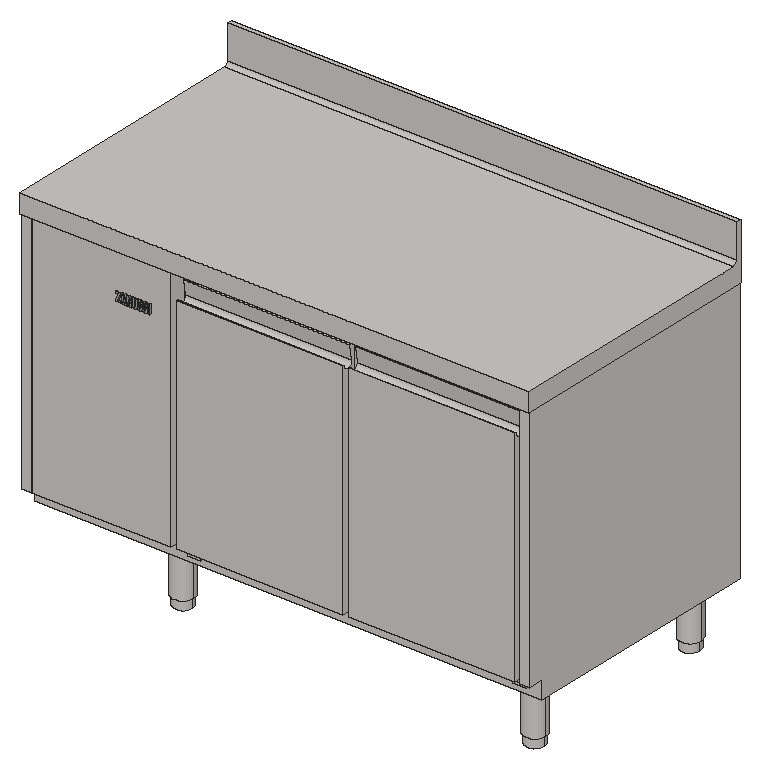
Revit family "QF_ZANUSSI_111022_ZH2H3AA", category Specialty Equipment, Revit 2018 (continued)
Definition of nested family "ZAN_Cooling Unit"
  Lines and regions (mm)
    Split face 129
      outline origin (55.016, 2, -293.144) x (0, 0, 1) y (-1, 0, 0)
        loop
          line (502.647, 158.547) -> (502.647, 116.535)
          arc (502.647, 116.535) -> (506.648, 112.533) -> (510.649, 116.535) r 4.001
          line (510.649, 116.535) -> (510.649, 158.547)
    Split face 130
      outline origin (110.032, 2, -113.091) x (0, 0, 1) y (-1, 0, 0)
        loop
          arc (510.649, 158.547) -> (506.648, 162.548) -> (502.647, 158.547) r 4.001
          line (502.647, 158.547) -> (502.647, 116.535)
          arc (502.647, 116.535) -> (506.648, 112.533) -> (510.649, 116.535) r 4.001
          line (510.649, 116.535) -> (510.649, 158.547)
    Split face 131
      outline origin (110.032, 2, -125.094) x (0, 0, 1) y (-1, 0, 0)
        loop
          arc (510.649, 158.547) -> (506.648, 162.548) -> (502.647, 158.547) r 4.001
          line (502.647, 158.547) -> (502.647, 116.535)
          arc (502.647, 116.535) -> (506.648, 112.533) -> (510.649, 116.535) r 4.001
          line (510.649, 116.535) -> (510.649, 158.547)
    Split face 132
      outline origin (110.032, 2, -137.098) x (0, 0, 1) y (-1, 0, 0)
        loop
          arc (510.649, 158.547) -> (506.648, 162.548) -> (502.647, 158.547) r 4.001
          line (502.647, 158.547) -> (502.647, 116.535)
          arc (502.647, 116.535) -> (506.648, 112.533) -> (510.649, 116.535) r 4.001
          line (510.649, 116.535) -> (510.649, 158.547)
    Split face 133
      outline origin (110.032, 2, -149.101) x (0, 0, 1) y (-1, 0, 0)
        loop
          arc (510.649, 158.547) -> (506.648, 162.548) -> (502.647, 158.547) r 4.001
          line (502.647, 158.547) -> (502.647, 116.535)
          arc (502.647, 116.535) -> (506.648, 112.533) -> (510.649, 116.535) r 4.001
          line (510.649, 116.535) -> (510.649, 158.547)
    Split face 134
      outline origin (110.032, 2, -161.105) x (0, 0, 1) y (-1, 0, 0)
        loop
          arc (510.649, 158.547) -> (506.648, 162.548) -> (502.647, 158.547) r 4.001
          line (502.647, 158.547) -> (502.647, 116.535)
          arc (502.647, 116.535) -> (506.648, 112.533) -> (510.649, 116.535) r 4.001
          line (510.649, 116.535) -> (510.649, 158.547)
    Split face 135
      outline origin (110.032, 2, -173.108) x (0, 0, 1) y (-1, 0, 0)
        loop
          arc (510.649, 158.547) -> (506.648, 162.548) -> (502.647, 158.547) r 4.001
          line (502.647, 158.547) -> (502.647, 116.535)
          arc (502.647, 116.535) -> (506.648, 112.533) -> (510.649, 116.535) r 4.001
          line (510.649, 116.535) -> (510.649, 158.547)
    Split face 136
      outline origin (110.032, 2, -185.112) x (0, 0, 1) y (-1, 0, 0)
        loop
          arc (510.649, 158.547) -> (506.648, 162.548) -> (502.647, 158.547) r 4.001
          line (502.647, 158.547) -> (502.647, 116.535)
          arc (502.647, 116.535) -> (506.648, 112.533) -> (510.649, 116.535) r 4.001
          line (510.649, 116.535) -> (510.649, 158.547)
    Split face 137
      outline origin (110.032, 2, -197.115) x (0, 0, 1) y (-1, 0, 0)
        loop
          arc (510.649, 158.547) -> (506.648, 162.548) -> (502.647, 158.547) r 4.001
          line (502.647, 158.547) -> (502.647, 116.535)
          arc (502.647, 116.535) -> (506.648, 112.533) -> (510.649, 116.535) r 4.001
          line (510.649, 116.535) -> (510.649, 158.547)
    Split face 138
      outline origin (110.032, 2, -209.119) x (0, 0, 1) y (-1, 0, 0)
        loop
          arc (510.649, 158.547) -> (506.648, 162.548) -> (502.647, 158.547) r 4.001
          line (502.647, 158.547) -> (502.647, 116.535)
          arc (502.647, 116.535) -> (506.648, 112.533) -> (510.649, 116.535) r 4.001
          line (510.649, 116.535) -> (510.649, 158.547)
    Split face 139
      outline origin (110.032, 2, -221.122) x (0, 0, 1) y (-1, 0, 0)
        loop
          arc (510.649, 158.547) -> (506.648, 162.548) -> (502.647, 158.547) r 4.001
          line (502.647, 158.547) -> (502.647, 116.535)
          arc (502.647, 116.535) -> (506.648, 112.533) -> (510.649, 116.535) r 4.001
          line (510.649, 116.535) -> (510.649, 158.547)
    Split face 140
      outline origin (110.032, 2, -233.126) x (0, 0, 1) y (-1, 0, 0)
        loop
          arc (510.649, 158.547) -> (506.648, 162.548) -> (502.647, 158.547) r 4.001
          line (502.647, 158.547) -> (502.647, 116.535)
          arc (502.647, 116.535) -> (506.648, 112.533) -> (510.649, 116.535) r 4.001
          line (510.649, 116.535) -> (510.649, 158.547)
    Split face 141
      outline origin (110.032, 2, -245.129) x (0, 0, 1) y (-1, 0, 0)
        loop
          arc (510.649, 158.547) -> (506.648, 162.548) -> (502.647, 158.547) r 4.001
          line (502.647, 158.547) -> (502.647, 116.535)
          arc (502.647, 116.535) -> (506.648, 112.533) -> (510.649, 116.535) r 4.001
          line (510.649, 116.535) -> (510.649, 158.547)
    Split face 142
      outline origin (110.032, 2, -257.133) x (0, 0, 1) y (-1, 0, 0)
        loop
          arc (510.649, 158.547) -> (506.648, 162.548) -> (502.647, 158.547) r 4.001
          line (502.647, 158.547) -> (502.647, 116.535)
          arc (502.647, 116.535) -> (506.648, 112.533) -> (510.649, 116.535) r 4.001
          line (510.649, 116.535) -> (510.649, 158.547)
    Split face 143
      outline origin (110.032, 2, -269.136) x (0, 0, 1) y (-1, 0, 0)
        loop
          arc (510.649, 158.547) -> (506.648, 162.548) -> (502.647, 158.547) r 4.001
          line (502.647, 158.547) -> (502.647, 116.535)
          arc (502.647, 116.535) -> (506.648, 112.533) -> (510.649, 116.535) r 4.001
          line (510.649, 116.535) -> (510.649, 158.547)
    Split face 144
      outline origin (110.032, 2, -281.14) x (0, 0, 1) y (-1, 0, 0)
        loop
          arc (510.649, 158.547) -> (506.648, 162.548) -> (502.647, 158.547) r 4.001
          line (502.647, 158.547) -> (502.647, 116.535)
          arc (502.647, 116.535) -> (506.648, 112.533) -> (510.649, 116.535) r 4.001
          line (510.649, 116.535) -> (510.649, 158.547)
    Split face 145
      outline origin (110.032, 2, -293.144) x (0, 0, 1) y (-1, 0, 0)
        loop
          arc (510.649, 158.547) -> (506.648, 162.548) -> (502.647, 158.547) r 4.001
          line (502.647, 158.547) -> (502.647, 116.535)
          arc (502.647, 116.535) -> (506.648, 112.533) -> (510.649, 116.535) r 4.001
          line (510.649, 116.535) -> (510.649, 158.547)
    Split face 146
      outline origin (165.048, 2, -113.091) x (0, 0, 1) y (-1, 0, 0)
        loop
          arc (510.649, 158.547) -> (506.648, 162.548) -> (502.647, 158.547) r 4.001
          line (502.647, 158.547) -> (502.647, 116.535)
          arc (502.647, 116.535) -> (506.648, 112.533) -> (510.649, 116.535) r 4.001
          line (510.649, 116.535) -> (510.649, 158.547)
    Split face 147
      outline origin (165.048, 2, -125.094) x (0, 0, 1) y (-1, 0, 0)
        loop
          arc (510.649, 158.547) -> (506.648, 162.548) -> (502.647, 158.547) r 4.001
          line (502.647, 158.547) -> (502.647, 116.535)
          arc (502.647, 116.535) -> (506.648, 112.533) -> (510.649, 116.535) r 4.001
          line (510.649, 116.535) -> (510.649, 158.547)
    Split face 148
      outline origin (165.048, 2, -137.098) x (0, 0, 1) y (-1, 0, 0)
        loop
          arc (510.649, 158.547) -> (506.648, 162.548) -> (502.647, 158.547) r 4.001
          line (502.647, 158.547) -> (502.647, 116.535)
          arc (502.647, 116.535) -> (506.648, 112.533) -> (510.649, 116.535) r 4.001
          line (510.649, 116.535) -> (510.649, 158.547)
    Split face 149
      outline origin (165.048, 2, -149.101) x (0, 0, 1) y (-1, 0, 0)
        loop
          arc (510.649, 158.547) -> (506.648, 162.548) -> (502.647, 158.547) r 4.001
          line (502.647, 158.547) -> (502.647, 116.535)
          arc (502.647, 116.535) -> (506.648, 112.533) -> (510.649, 116.535) r 4.001
          line (510.649, 116.535) -> (510.649, 158.547)
    Split face 150
      outline origin (165.048, 2, -161.105) x (0, 0, 1) y (-1, 0, 0)
        loop
          arc (510.649, 158.547) -> (506.648, 162.548) -> (502.647, 158.547) r 4.001
          line (502.647, 158.547) -> (502.647, 116.535)
          arc (502.647, 116.535) -> (506.648, 112.533) -> (510.649, 116.535) r 4.001
          line (510.649, 116.535) -> (510.649, 158.547)
    Split face 151
      outline origin (165.048, 2, -173.108) x (0, 0, 1) y (-1, 0, 0)
        loop
          arc (510.649, 158.547) -> (506.648, 162.548) -> (502.647, 158.547) r 4.001
          line (502.647, 158.547) -> (502.647, 116.535)
          arc (502.647, 116.535) -> (506.648, 112.533) -> (510.649, 116.535) r 4.001
          line (510.649, 116.535) -> (510.649, 158.547)
    Split face 152
      outline origin (165.048, 2, -185.112) x (0, 0, 1) y (-1, 0, 0)
        loop
          arc (510.649, 158.547) -> (506.648, 162.548) -> (502.647, 158.547) r 4.001
          line (502.647, 158.547) -> (502.647, 116.535)
          arc (502.647, 116.535) -> (506.648, 112.533) -> (510.649, 116.535) r 4.001
          line (510.649, 116.535) -> (510.649, 158.547)
    Split face 153
      outline origin (165.048, 2, -197.115) x (0, 0, 1) y (-1, 0, 0)
        loop
          arc (510.649, 158.547) -> (506.648, 162.548) -> (502.647, 158.547) r 4.001
          line (502.647, 158.547) -> (502.647, 116.535)
          arc (502.647, 116.535) -> (506.648, 112.533) -> (510.649, 116.535) r 4.001
          line (510.649, 116.535) -> (510.649, 158.547)
    Split face 154
      outline origin (165.048, 2, -209.119) x (0, 0, 1) y (-1, 0, 0)
        loop
          arc (510.649, 158.547) -> (506.648, 162.548) -> (502.647, 158.547) r 4.001
          line (502.647, 158.547) -> (502.647, 116.535)
          arc (502.647, 116.535) -> (506.648, 112.533) -> (510.649, 116.535) r 4.001
          line (510.649, 116.535) -> (510.649, 158.547)
    Split face 155
      outline origin (165.048, 2, -221.122) x (0, 0, 1) y (-1, 0, 0)
        loop
          arc (510.649, 158.547) -> (506.648, 162.548) -> (502.647, 158.547) r 4.001
          line (502.647, 158.547) -> (502.647, 116.535)
          arc (502.647, 116.535) -> (506.648, 112.533) -> (510.649, 116.535) r 4.001
          line (510.649, 116.535) -> (510.649, 158.547)
    Split face 156
      outline origin (165.048, 2, -233.126) x (0, 0, 1) y (-1, 0, 0)
        loop
          arc (510.649, 158.547) -> (506.648, 162.548) -> (502.647, 158.547) r 4.001
          line (502.647, 158.547) -> (502.647, 116.535)
          arc (502.647, 116.535) -> (506.648, 112.533) -> (510.649, 116.535) r 4.001
          line (510.649, 116.535) -> (510.649, 158.547)
    Split face 157
      outline origin (165.048, 2, -245.129) x (0, 0, 1) y (-1, 0, 0)
        loop
          arc (510.649, 158.547) -> (506.648, 162.548) -> (502.647, 158.547) r 4.001
          line (502.647, 158.547) -> (502.647, 116.535)
          arc (502.647, 116.535) -> (506.648, 112.533) -> (510.649, 116.535) r 4.001
          line (510.649, 116.535) -> (510.649, 158.547)
    Split face 158
      outline origin (165.048, 2, -257.133) x (0, 0, 1) y (-1, 0, 0)
        loop
          arc (510.649, 158.547) -> (506.648, 162.548) -> (502.647, 158.547) r 4.001
          line (502.647, 158.547) -> (502.647, 116.535)
          arc (502.647, 116.535) -> (506.648, 112.533) -> (510.649, 116.535) r 4.001
          line (510.649, 116.535) -> (510.649, 158.547)
    Split face 159
      outline origin (165.048, 2, -269.136) x (0, 0, 1) y (-1, 0, 0)
        loop
          arc (510.649, 158.547) -> (506.648, 162.548) -> (502.647, 158.547) r 4.001
          line (502.647, 158.547) -> (502.647, 116.535)
          arc (502.647, 116.535) -> (506.648, 112.533) -> (510.649, 116.535) r 4.001
          line (510.649, 116.535) -> (510.649, 158.547)
    Split face 160
      outline origin (165.048, 2, -281.14) x (0, 0, 1) y (-1, 0, 0)
        loop
          arc (510.649, 158.547) -> (506.648, 162.548) -> (502.647, 158.547) r 4.001
          line (502.647, 158.547) -> (502.647, 116.535)
          arc (502.647, 116.535) -> (506.648, 112.533) -> (510.649, 116.535) r 4.001
          line (510.649, 116.535) -> (510.649, 158.547)
    Split face 161
      outline origin (165.048, 2, -293.144) x (0, 0, 1) y (-1, 0, 0)
        loop
          arc (510.649, 158.547) -> (506.648, 162.548) -> (502.647, 158.547) r 4.001
          line (502.647, 158.547) -> (502.647, 116.535)
          arc (502.647, 116.535) -> (506.648, 112.533) -> (510.649, 116.535) r 4.001
          line (510.649, 116.535) -> (510.649, 158.547)
    Split face 162
      outline origin (220.064, 2, -113.091) x (0, 0, 1) y (-1, 0, 0)
        loop
          arc (510.649, 158.547) -> (506.648, 162.548) -> (502.647, 158.547) r 4.001
          line (502.647, 158.547) -> (502.647, 116.535)
          arc (502.647, 116.535) -> (506.648, 112.533) -> (510.649, 116.535) r 4.001
          line (510.649, 116.535) -> (510.649, 158.547)
    Split face 163
      outline origin (220.064, 2, -125.094) x (0, 0, 1) y (-1, 0, 0)
        loop
          arc (510.649, 158.547) -> (506.648, 162.548) -> (502.647, 158.547) r 4.001
          line (502.647, 158.547) -> (502.647, 116.535)
          arc (502.647, 116.535) -> (506.648, 112.533) -> (510.649, 116.535) r 4.001
          line (510.649, 116.535) -> (510.649, 158.547)
    Split face 164
      outline origin (220.064, 2, -137.098) x (0, 0, 1) y (-1, 0, 0)
        loop
          arc (510.649, 158.547) -> (506.648, 162.548) -> (502.647, 158.547) r 4.001
          line (502.647, 158.547) -> (502.647, 116.535)
          arc (502.647, 116.535) -> (506.648, 112.533) -> (510.649, 116.535) r 4.001
          line (510.649, 116.535) -> (510.649, 158.547)
    Split face 165
      outline origin (220.064, 2, -149.101) x (0, 0, 1) y (-1, 0, 0)
        loop
          arc (510.649, 158.547) -> (506.648, 162.548) -> (502.647, 158.547) r 4.001
          line (502.647, 158.547) -> (502.647, 116.535)
          arc (502.647, 116.535) -> (506.648, 112.533) -> (510.649, 116.535) r 4.001
          line (510.649, 116.535) -> (510.649, 158.547)
    Split face 166
      outline origin (220.064, 2, -161.105) x (0, 0, 1) y (-1, 0, 0)
        loop
          arc (510.649, 158.547) -> (506.648, 162.548) -> (502.647, 158.547) r 4.001
          line (502.647, 158.547) -> (502.647, 116.535)
          arc (502.647, 116.535) -> (506.648, 112.533) -> (510.649, 116.535) r 4.001
          line (510.649, 116.535) -> (510.649, 158.547)
    Split face 167
      outline origin (220.064, 2, -173.108) x (0, 0, 1) y (-1, 0, 0)
        loop
          arc (510.649, 158.547) -> (506.648, 162.548) -> (502.647, 158.547) r 4.001
          line (502.647, 158.547) -> (502.647, 116.535)
          arc (502.647, 116.535) -> (506.648, 112.533) -> (510.649, 116.535) r 4.001
          line (510.649, 116.535) -> (510.649, 158.547)
    Split face 168
      outline origin (220.064, 2, -185.112) x (0, 0, 1) y (-1, 0, 0)
        loop
          arc (510.649, 158.547) -> (506.648, 162.548) -> (502.647, 158.547) r 4.001
          line (502.647, 158.547) -> (502.647, 116.535)
          arc (502.647, 116.535) -> (506.648, 112.533) -> (510.649, 116.535) r 4.001
          line (510.649, 116.535) -> (510.649, 158.547)
    Split face 169
      outline origin (220.064, 2, -197.115) x (0, 0, 1) y (-1, 0, 0)
        loop
          arc (510.649, 158.547) -> (506.648, 162.548) -> (502.647, 158.547) r 4.001
          line (502.647, 158.547) -> (502.647, 116.535)
          arc (502.647, 116.535) -> (506.648, 112.533) -> (510.649, 116.535) r 4.001
          line (510.649, 116.535) -> (510.649, 158.547)
    Split face 170
      outline origin (220.064, 2, -209.119) x (0, 0, 1) y (-1, 0, 0)
        loop
          arc (510.649, 158.547) -> (506.648, 162.548) -> (502.647, 158.547) r 4.001
          line (502.647, 158.547) -> (502.647, 116.535)
          arc (502.647, 116.535) -> (506.648, 112.533) -> (510.649, 116.535) r 4.001
          line (510.649, 116.535) -> (510.649, 158.547)
    Split face 171
      outline origin (220.064, 2, -221.122) x (0, 0, 1) y (-1, 0, 0)
        loop
          arc (510.649, 158.547) -> (506.648, 162.548) -> (502.647, 158.547) r 4.001
          line (502.647, 158.547) -> (502.647, 116.535)
          arc (502.647, 116.535) -> (506.648, 112.533) -> (510.649, 116.535) r 4.001
          line (510.649, 116.535) -> (510.649, 158.547)
    Split face 172
      outline origin (220.064, 2, -233.126) x (0, 0, 1) y (-1, 0, 0)
        loop
          arc (510.649, 158.547) -> (506.648, 162.548) -> (502.647, 158.547) r 4.001
          line (502.647, 158.547) -> (502.647, 116.535)
          arc (502.647, 116.535) -> (506.648, 112.533) -> (510.649, 116.535) r 4.001
          line (510.649, 116.535) -> (510.649, 158.547)
    Split face 173
      outline origin (220.064, 2, -245.129) x (0, 0, 1) y (-1, 0, 0)
        loop
          arc (510.649, 158.547) -> (506.648, 162.548) -> (502.647, 158.547) r 4.001
          line (502.647, 158.547) -> (502.647, 116.535)
          arc (502.647, 116.535) -> (506.648, 112.533) -> (510.649, 116.535) r 4.001
          line (510.649, 116.535) -> (510.649, 158.547)
    Split face 174
      outline origin (220.064, 2, -257.133) x (0, 0, 1) y (-1, 0, 0)
        loop
          arc (510.649, 158.547) -> (506.648, 162.548) -> (502.647, 158.547) r 4.001
          line (502.647, 158.547) -> (502.647, 116.535)
          arc (502.647, 116.535) -> (506.648, 112.533) -> (510.649, 116.535) r 4.001
          line (510.649, 116.535) -> (510.649, 158.547)
    Split face 175
      outline origin (220.064, 2, -269.136) x (0, 0, 1) y (-1, 0, 0)
        loop
          arc (510.649, 158.547) -> (506.648, 162.548) -> (502.647, 158.547) r 4.001
          line (502.647, 158.547) -> (502.647, 116.535)
          arc (502.647, 116.535) -> (506.648, 112.533) -> (510.649, 116.535) r 4.001
          line (510.649, 116.535) -> (510.649, 158.547)
    Split face 176
      outline origin (220.064, 2, -281.14) x (0, 0, 1) y (-1, 0, 0)
        loop
          arc (510.649, 158.547) -> (506.648, 162.548) -> (502.647, 158.547) r 4.001
          line (502.647, 158.547) -> (502.647, 116.535)
          arc (502.647, 116.535) -> (506.648, 112.533) -> (510.649, 116.535) r 4.001
          line (510.649, 116.535) -> (510.649, 158.547)
    Split face 177
      outline origin (220.064, 2, -293.144) x (0, 0, 1) y (-1, 0, 0)
        loop
          arc (510.649, 158.547) -> (506.648, 162.548) -> (502.647, 158.547) r 4.001
          line (502.647, 158.547) -> (502.647, 116.535)
          arc (502.647, 116.535) -> (506.648, 112.533) -> (510.649, 116.535) r 4.001
          line (510.649, 116.535) -> (510.649, 158.547)
    Split face 178
      outline origin (275.081, 2, -113.091) x (0, 0, 1) y (-1, 0, 0)
        loop
          arc (510.649, 158.547) -> (506.648, 162.548) -> (502.647, 158.547) r 4.001
          line (502.647, 158.547) -> (502.647, 116.535)
          arc (502.647, 116.535) -> (506.648, 112.533) -> (510.649, 116.535) r 4.001
          line (510.649, 116.535) -> (510.649, 158.547)
    Split face 179
      outline origin (275.081, 2, -125.094) x (0, 0, 1) y (-1, 0, 0)
        loop
          arc (510.649, 158.547) -> (506.648, 162.548) -> (502.647, 158.547) r 4.001
          line (502.647, 158.547) -> (502.647, 116.535)
          arc (502.647, 116.535) -> (506.648, 112.533) -> (510.649, 116.535) r 4.001
          line (510.649, 116.535) -> (510.649, 158.547)
    Split face 180
      outline origin (275.081, 2, -137.098) x (0, 0, 1) y (-1, 0, 0)
        loop
          arc (510.649, 158.547) -> (506.648, 162.548) -> (502.647, 158.547) r 4.001
          line (502.647, 158.547) -> (502.647, 116.535)
          arc (502.647, 116.535) -> (506.648, 112.533) -> (510.649, 116.535) r 4.001
          line (510.649, 116.535) -> (510.649, 158.547)
    Split face 181
      outline origin (275.081, 2, -149.101) x (0, 0, 1) y (-1, 0, 0)
        loop
          arc (510.649, 158.547) -> (506.648, 162.548) -> (502.647, 158.547) r 4.001
          line (502.647, 158.547) -> (502.647, 116.535)
          arc (502.647, 116.535) -> (506.648, 112.533) -> (510.649, 116.535) r 4.001
          line (510.649, 116.535) -> (510.649, 158.547)
    Split face 182
      outline origin (275.081, 2, -161.105) x (0, 0, 1) y (-1, 0, 0)
        loop
          arc (510.649, 158.547) -> (506.648, 162.548) -> (502.647, 158.547) r 4.001
          line (502.647, 158.547) -> (502.647, 116.535)
          arc (502.647, 116.535) -> (506.648, 112.533) -> (510.649, 116.535) r 4.001
          line (510.649, 116.535) -> (510.649, 158.547)
    Split face 183
      outline origin (275.081, 2, -173.108) x (0, 0, 1) y (-1, 0, 0)
        loop
          arc (510.649, 158.547) -> (506.648, 162.548) -> (502.647, 158.547) r 4.001
          line (502.647, 158.547) -> (502.647, 116.535)
          arc (502.647, 116.535) -> (506.648, 112.533) -> (510.649, 116.535) r 4.001
          line (510.649, 116.535) -> (510.649, 158.547)
    Split face 184
      outline origin (275.081, 2, -185.112) x (0, 0, 1) y (-1, 0, 0)
        loop
          arc (510.649, 158.547) -> (506.648, 162.548) -> (502.647, 158.547) r 4.001
          line (502.647, 158.547) -> (502.647, 116.535)
          arc (502.647, 116.535) -> (506.648, 112.533) -> (510.649, 116.535) r 4.001
          line (510.649, 116.535) -> (510.649, 158.547)
    Split face 185
      outline origin (275.081, 2, -197.115) x (0, 0, 1) y (-1, 0, 0)
        loop
          arc (510.649, 158.547) -> (506.648, 162.548) -> (502.647, 158.547) r 4.001
          line (502.647, 158.547) -> (502.647, 116.535)
          arc (502.647, 116.535) -> (506.648, 112.533) -> (510.649, 116.535) r 4.001
          line (510.649, 116.535) -> (510.649, 158.547)
    Split face 186
      outline origin (275.081, 2, -209.119) x (0, 0, 1) y (-1, 0, 0)
        loop
          arc (510.649, 158.547) -> (506.648, 162.548) -> (502.647, 158.547) r 4.001
          line (502.647, 158.547) -> (502.647, 116.535)
          arc (502.647, 116.535) -> (506.648, 112.533) -> (510.649, 116.535) r 4.001
          line (510.649, 116.535) -> (510.649, 158.547)
    Split face 187
      outline origin (275.081, 2, -221.122) x (0, 0, 1) y (-1, 0, 0)
        loop
          arc (510.649, 158.547) -> (506.648, 162.548) -> (502.647, 158.547) r 4.001
          line (502.647, 158.547) -> (502.647, 116.535)
          arc (502.647, 116.535) -> (506.648, 112.533) -> (510.649, 116.535) r 4.001
          line (510.649, 116.535) -> (510.649, 158.547)
    Split face 188
      outline origin (275.081, 2, -233.126) x (0, 0, 1) y (-1, 0, 0)
        loop
          arc (510.649, 158.547) -> (506.648, 162.548) -> (502.647, 158.547) r 4.001
          line (502.647, 158.547) -> (502.647, 116.535)
          arc (502.647, 116.535) -> (506.648, 112.533) -> (510.649, 116.535) r 4.001
          line (510.649, 116.535) -> (510.649, 158.547)
    Split face 189
      outline origin (275.081, 2, -245.129) x (0, 0, 1) y (-1, 0, 0)
        loop
          arc (510.649, 158.547) -> (506.648, 162.548) -> (502.647, 158.547) r 4.001
          line (502.647, 158.547) -> (502.647, 116.535)
          arc (502.647, 116.535) -> (506.648, 112.533) -> (510.649, 116.535) r 4.001
          line (510.649, 116.535) -> (510.649, 158.547)
    Split face 190
      outline origin (275.081, 2, -257.133) x (0, 0, 1) y (-1, 0, 0)
        loop
          arc (510.649, 158.547) -> (506.648, 162.548) -> (502.647, 158.547) r 4.001
          line (502.647, 158.547) -> (502.647, 116.535)
          arc (502.647, 116.535) -> (506.648, 112.533) -> (510.649, 116.535) r 4.001
          line (510.649, 116.535) -> (510.649, 158.547)
    Split face 191
      outline origin (275.081, 2, -269.136) x (0, 0, 1) y (-1, 0, 0)
        loop
          arc (510.649, 158.547) -> (506.648, 162.548) -> (502.647, 158.547) r 4.001
          line (502.647, 158.547) -> (502.647, 116.535)
          arc (502.647, 116.535) -> (506.648, 112.533) -> (510.649, 116.535) r 4.001
          line (510.649, 116.535) -> (510.649, 158.547)
    Split face 192
      outline origin (275.081, 2, -281.14) x (0, 0, 1) y (-1, 0, 0)
        loop
          arc (510.649, 158.547) -> (506.648, 162.548) -> (502.647, 158.547) r 4.001
          line (502.647, 158.547) -> (502.647, 116.535)
          arc (502.647, 116.535) -> (506.648, 112.533) -> (510.649, 116.535) r 4.001
          line (510.649, 116.535) -> (510.649, 158.547)
    Split face 193
      outline origin (275.081, 2, -293.144) x (0, 0, 1) y (-1, 0, 0)
        loop
          arc (510.649, 158.547) -> (506.648, 162.548) -> (502.647, 158.547) r 4.001
          line (502.647, 158.547) -> (502.647, 116.535)
          arc (502.647, 116.535) -> (506.648, 112.533) -> (510.649, 116.535) r 4.001
          line (510.649, 116.535) -> (510.649, 158.547)
    Split face 194
      outline origin (0, 2, 197) x (0, 0, 1) y (-1, 0, 0)
        loop
          spline (566.835, 20.381) -> (564.628, 19.058) -> (561.987, 18.027) -> (558.955, 17.386) -> (555.581, 17.244) -> (551.912, 17.703) -> (547.993, 18.863) -> (543.871, 20.83) -> (539.591, 23.706) -> (535.202, 27.594) -> (530.748, 32.597) -> (526.28, 38.824) -> (521.835, 46.362)
        loop
          spline (521.835, 58.392) -> (525.386, 49.242) -> (529.197, 41.481) -> (533.2, 35.023) -> (537.329, 29.786) -> (541.516, 25.684) -> (545.695, 22.634) -> (549.798, 20.552) -> (553.759, 19.355) -> (557.511, 18.958) -> (560.984, 19.275) -> (564.115, 20.227) -> (566.835, 21.726)
    Split face 195
      outline origin (0, 2, 197) x (0, 0, 1) y (-1, 0, 0)
        loop
          line (555.835, 149.5) -> (532.835, 149.5) -> (532.835, 94.5) -> (555.835, 94.5) -> (555.835, 149.5)
  Dimensions and locks
    aligned and locked: level to plane 2
  Nested families
    nested 1: "ZAN_Logo_S_Grey" at (85, 2, 741.213) x (1, 0, 0) z (0, -1, 0), visible <- "Show Logo", type "ZAN_Logo_S_Grey"
  Definition of nested family "ZAN_Logo_S_Grey"
    Parameters
      Default Elevation = 0 mm
    Reference planes
      plane 1 "Centro (Fronte/Retro)": y = 0
      plane 2: z = 0
      plane 3 "Centro (Sinistra/Destra)": x = 0
    Forms (mm)
      Extrusion 1, solid
        sketch origin (0, 0, 0) x (1, 0, 0) y (0, 1, 0)
          loop
            line (-1219.2, 1219.2) -> (-1219.2, -1219.2) -> (1219.2, -1219.2) -> (1219.2, 1219.2) -> (-1219.2, 1219.2)
        from 0 to -304.8
      Extrusion 2, solid
        sketch origin (17.793, -46.218, 0) x (-1, 0, 0) y (0, -1, 0)
          loop
            spline (-4.176, -58.079) -> (-3.496, -58.328) -> (-2.793, -58.512) -> (-2.075, -58.63) -> (-1.348, -58.682) -> (-0.619, -58.669) -> (0.106, -58.588) -> (0.818, -58.44) -> (1.512, -58.225) -> (2.18, -57.941) -> (2.817, -57.589) -> (3.414, -57.167) -> (3.966, -56.676)
            spline (3.966, -56.676) -> (4.293, -56.162) -> (4.575, -55.61) -> (4.81, -55.026) -> (5, -54.419) -> (5.146, -53.797) -> (5.247, -53.166) -> (5.304, -52.536) -> (5.318, -51.913) -> (5.288, -51.306) -> (5.217, -50.723) -> (5.103, -50.17) -> (4.949, -49.657)
            line (4.949, -49.657) -> (2.702, -46.428) -> (0.316, -44.323)
            spline (0.316, -44.323) -> (0.065, -44.115) -> (-0.195, -43.909) -> (-0.46, -43.704) -> (-0.729, -43.496) -> (-0.997, -43.282) -> (-1.263, -43.059) -> (-1.523, -42.825) -> (-1.774, -42.576) -> (-2.013, -42.309) -> (-2.238, -42.022) -> (-2.445, -41.712) -> (-2.632, -41.375)
            spline (-2.632, -41.375) -> (-2.666, -41.159) -> (-2.697, -40.934) -> (-2.722, -40.701) -> (-2.736, -40.465) -> (-2.736, -40.227) -> (-2.72, -39.989) -> (-2.682, -39.754) -> (-2.621, -39.524) -> (-2.533, -39.302) -> (-2.414, -39.091) -> (-2.261, -38.892) -> (-2.07, -38.708)
            line (-2.07, -38.708) -> (-0.245, -38.567)
            spline (-0.245, -38.567) -> (0.096, -38.8) -> (0.354, -39.074) -> (0.54, -39.381) -> (0.664, -39.716) -> (0.738, -40.073) -> (0.772, -40.445) -> (0.777, -40.825) -> (0.763, -41.208) -> (0.742, -41.588) -> (0.723, -41.957) -> (0.718, -42.309) -> (0.737, -42.638)
            line (0.737, -42.638) -> (5.65, -42.638)
            spline (5.65, -42.638) -> (5.708, -42.042) -> (5.741, -41.448) -> (5.747, -40.857) -> (5.723, -40.273) -> (5.668, -39.696) -> (5.58, -39.129) -> (5.457, -38.574) -> (5.297, -38.032) -> (5.098, -37.506) -> (4.857, -36.997) -> (4.574, -36.508) -> (4.247, -36.041)
            spline (4.247, -36.041) -> (3.844, -35.675) -> (3.409, -35.35) -> (2.946, -35.065) -> (2.458, -34.819) -> (1.949, -34.612) -> (1.421, -34.444) -> (0.88, -34.314) -> (0.326, -34.221) -> (-0.234, -34.165) -> (-0.8, -34.146) -> (-1.366, -34.163) -> (-1.93, -34.216)
            spline (-1.93, -34.216) -> (-2.526, -34.309) -> (-3.116, -34.448) -> (-3.695, -34.633) -> (-4.259, -34.861) -> (-4.801, -35.131) -> (-5.316, -35.444) -> (-5.799, -35.798) -> (-6.245, -36.191) -> (-6.648, -36.624) -> (-7.002, -37.095) -> (-7.303, -37.603) -> (-7.545, -38.146)
            spline (-7.545, -38.146) -> (-7.694, -38.815) -> (-7.792, -39.487) -> (-7.839, -40.158) -> (-7.836, -40.824) -> (-7.785, -41.482) -> (-7.685, -42.129) -> (-7.539, -42.762) -> (-7.347, -43.377) -> (-7.111, -43.97) -> (-6.83, -44.538) -> (-6.506, -45.078) -> (-6.141, -45.586)
            line (-6.141, -45.586) -> (-0.526, -50.64) -> (0.176, -51.482)
            spline (0.176, -51.482) -> (0.248, -51.66) -> (0.323, -51.843) -> (0.397, -52.03) -> (0.467, -52.22) -> (0.529, -52.412) -> (0.579, -52.605) -> (0.615, -52.798) -> (0.633, -52.989) -> (0.63, -53.179) -> (0.601, -53.366) -> (0.545, -53.55) -> (0.456, -53.728)
            spline (0.456, -53.728) -> (0.375, -53.892) -> (0.273, -54.034) -> (0.154, -54.155) -> (0.02, -54.258) -> (-0.126, -54.343) -> (-0.28, -54.412) -> (-0.441, -54.466) -> (-0.604, -54.508) -> (-0.767, -54.537) -> (-0.928, -54.556) -> (-1.082, -54.567) -> (-1.228, -54.57)
            line (-1.228, -54.57) -> (-2.632, -53.587) -> (-2.772, -50.64) -> (-7.405, -50.64)
            spline (-7.405, -50.64) -> (-7.41, -51.031) -> (-7.423, -51.432) -> (-7.44, -51.839) -> (-7.456, -52.251) -> (-7.469, -52.665) -> (-7.475, -53.079) -> (-7.468, -53.489) -> (-7.446, -53.894) -> (-7.404, -54.291) -> (-7.339, -54.679) -> (-7.247, -55.053) -> (-7.123, -55.412)
            spline (-7.123, -55.412) -> (-6.999, -55.693) -> (-6.837, -55.97) -> (-6.643, -56.244) -> (-6.422, -56.509) -> (-6.177, -56.765) -> (-5.913, -57.009) -> (-5.634, -57.238) -> (-5.346, -57.45) -> (-5.051, -57.643) -> (-4.755, -57.814) -> (-4.462, -57.96) -> (-4.176, -58.079)
          loop
            spline (-21.021, -55.552) -> (-20.633, -56.181) -> (-20.177, -56.736) -> (-19.661, -57.217) -> (-19.092, -57.627) -> (-18.478, -57.966) -> (-17.827, -58.237) -> (-17.147, -58.441) -> (-16.446, -58.578) -> (-15.73, -58.652) -> (-15.009, -58.662) -> (-14.29, -58.611) -> (-13.581, -58.5)
            spline (-13.581, -58.5) -> (-13.088, -58.407) -> (-12.595, -58.269) -> (-12.109, -58.088) -> (-11.636, -57.866) -> (-11.183, -57.605) -> (-10.756, -57.307) -> (-10.361, -56.974) -> (-10.004, -56.608) -> (-9.692, -56.211) -> (-9.431, -55.784) -> (-9.228, -55.33) -> (-9.089, -54.851)
            spline (-9.089, -54.851) -> (-8.873, -54.211) -> (-8.715, -53.559) -> (-8.615, -52.901) -> (-8.574, -52.241) -> (-8.592, -51.585) -> (-8.668, -50.938) -> (-8.802, -50.306) -> (-8.995, -49.693) -> (-9.247, -49.106) -> (-9.557, -48.55) -> (-9.925, -48.03) -> (-10.352, -47.551)
            line (-10.352, -47.551) -> (-15.546, -42.919) -> (-16.669, -41.234)
            spline (-16.669, -41.234) -> (-16.704, -41.021) -> (-16.735, -40.804) -> (-16.761, -40.583) -> (-16.778, -40.361) -> (-16.784, -40.139) -> (-16.774, -39.919) -> (-16.748, -39.701) -> (-16.7, -39.488) -> (-16.63, -39.28) -> (-16.533, -39.08) -> (-16.406, -38.889) -> (-16.248, -38.708)
            line (-16.248, -38.708) -> (-14.844, -38.427)
            spline (-14.844, -38.427) -> (-14.347, -38.545) -> (-13.969, -38.749) -> (-13.695, -39.028) -> (-13.508, -39.368) -> (-13.393, -39.757) -> (-13.335, -40.182) -> (-13.318, -40.63) -> (-13.326, -41.089) -> (-13.344, -41.546) -> (-13.356, -41.988) -> (-13.347, -42.403) -> (-13.3, -42.779)
            line (-13.3, -42.779) -> (-8.387, -42.638)
            spline (-8.387, -42.638) -> (-8.326, -42.034) -> (-8.288, -41.417) -> (-8.277, -40.794) -> (-8.299, -40.169) -> (-8.357, -39.548) -> (-8.457, -38.936) -> (-8.604, -38.339) -> (-8.803, -37.762) -> (-9.058, -37.21) -> (-9.375, -36.689) -> (-9.758, -36.204) -> (-10.212, -35.76)
            spline (-10.212, -35.76) -> (-10.793, -35.336) -> (-11.409, -34.976) -> (-12.054, -34.679) -> (-12.723, -34.445) -> (-13.409, -34.273) -> (-14.107, -34.163) -> (-14.811, -34.115) -> (-15.515, -34.127) -> (-16.213, -34.2) -> (-16.899, -34.333) -> (-17.568, -34.526) -> (-18.213, -34.777)
            spline (-18.213, -34.777) -> (-18.496, -34.897) -> (-18.783, -35.044) -> (-19.071, -35.216) -> (-19.357, -35.412) -> (-19.639, -35.629) -> (-19.915, -35.865) -> (-20.182, -36.119) -> (-20.438, -36.389) -> (-20.681, -36.672) -> (-20.907, -36.967) -> (-21.115, -37.272) -> (-21.301, -37.585)
            spline (-21.301, -37.585) -> (-21.55, -38.26) -> (-21.734, -38.948) -> (-21.854, -39.647) -> (-21.91, -40.351) -> (-21.901, -41.057) -> (-21.828, -41.761) -> (-21.69, -42.459) -> (-21.489, -43.148) -> (-21.222, -43.823) -> (-20.892, -44.48) -> (-20.497, -45.116) -> (-20.038, -45.726)
            line (-20.038, -45.726) -> (-14.142, -51.061) -> (-13.44, -52.886) -> (-14.002, -54.289) -> (-15.265, -54.57) -> (-16.669, -53.587) -> (-16.81, -50.78) -> (-21.582, -50.64)
            spline (-21.582, -50.64) -> (-21.558, -51.063) -> (-21.55, -51.491) -> (-21.554, -51.92) -> (-21.561, -52.35) -> (-21.567, -52.778) -> (-21.565, -53.201) -> (-21.547, -53.619) -> (-21.509, -54.029) -> (-21.444, -54.43) -> (-21.345, -54.818) -> (-21.206, -55.193) -> (-21.021, -55.552)
          loop
            line (-22.424, -34.216) -> (-27.337, -34.216) -> (-27.337, -58.22) -> (-22.424, -58.22) -> (-22.424, -34.216)
          loop
            line (14.213, -39.971) -> (14.213, -58.22) -> (19.126, -58.22) -> (19.126, -42.077) -> (18.845, -38.146) -> (18.424, -37.164) -> (17.442, -35.9) -> (16.459, -35.199) -> (14.494, -34.356) -> (13.511, -34.216) -> (11.265, -34.216) -> (10.142, -34.497) -> (8.458, -35.479) -> (6.493, -38.287) -> (6.352, -39.269) -> (6.352, -58.22) -> (11.265, -58.22) -> (11.265, -40.392) -> (11.827, -39.129) -> (13.371, -38.988) -> (14.213, -39.971)
          loop
            line (20.249, -58.22) -> (24.741, -58.22) -> (24.741, -42.919) -> (28.812, -58.22) -> (34.006, -58.22) -> (34.006, -34.216) -> (29.654, -34.216) -> (29.654, -50.078) -> (25.583, -34.216) -> (20.249, -34.216) -> (20.249, -58.22)
          loop
            line (50.149, -58.22) -> (62.361, -58.22) -> (62.361, -53.728) -> (55.904, -53.868) -> (62.923, -39.129) -> (62.923, -34.216) -> (50.149, -34.216) -> (50.149, -39.129) -> (57.517, -39.129) -> (50.149, -54.149) -> (50.149, -58.22)
          loop
            line (38.778, -58.22) -> (45.516, -58.22) -> (49.868, -34.216) -> (44.814, -34.216) -> (44.113, -38.848) -> (40.042, -38.848) -> (39.34, -34.216) -> (34.286, -34.216) -> (38.778, -58.22)
          loop
            line (43.551, -43.2) -> (40.744, -43.2) -> (42.147, -54.117) -> (43.551, -43.2)
        from 0 to 1.644
    Dimensions and locks
      aligned and locked: plane 2 to Extrusion 1
      aligned and locked: level to Extrusion 1
Definition of nested family "Refrigerator"
  Reference planes
    plane 1 "Center (Front/Back)": y = 0
    plane 2: z = 0
    plane 3 "Center (Left/Right)": x = 0
  Lines and regions (mm)
    detail lines, in view "Ref. Level"
      curve 1: spline (-500, 190, 0) -> (-493.185, 166.706, 0) -> (-473.205, 145, 0) -> (-441.421, 126.36, 0) -> (-400, 112.058, 0) -> (-351.764, 103.067, 0) -> (-300, 100, 0) -> (-248.236, 103.067, 0) -> (-200, 112.058, 0) -> (-158.579, 126.36, 0) -> (-126.795, 145, 0) -> (-106.815, 166.706, 0) -> (-100, 190, 0) -> (-106.815, 213.294, 0) -> (-126.795, 235, 0) -> (-158.579, 253.64, 0) -> (-200, 267.942, 0) -> (-248.236, 276.933, 0) -> (-300, 280, 0) -> (-351.764, 276.933, 0) -> (-400, 267.942, 0) -> (-441.421, 253.64, 0) -> (-473.205, 235, 0) -> (-493.185, 213.294, 0) -> (-500, 190, 0)
      curve 2: line (-300, 130, 0) -> (-300, 250, 0)
      curve 3: line (-351.962, 220, 0) -> (-248.038, 160, 0)
      curve 4: line (-351.962, 160, 0) -> (-248.038, 220, 0)
      curve 5: line (-280.884, 246.873, 0) -> (-300, 225, 0)
      curve 6: line (-300, 225, 0) -> (-319.116, 246.873, 0)
      curve 7: line (-330.311, 207.5, 0) -> (-339.696, 234.992, 0)
      curve 8: line (-358.812, 201.882, 0) -> (-330.311, 207.5, 0)
      curve 9: line (-330.311, 172.5, 0) -> (-358.812, 178.118, 0)
      curve 10: line (-339.696, 145.008, 0) -> (-330.311, 172.5, 0)
      curve 11: line (-300, 155, 0) -> (-319.116, 133.127, 0)
      curve 12: line (-280.884, 133.127, 0) -> (-300, 155, 0)
      curve 13: line (-269.689, 172.5, 0) -> (-260.304, 145.008, 0)
      curve 14: line (-241.188, 178.118, 0) -> (-269.689, 172.5, 0)
      curve 15: line (-269.689, 207.5, 0) -> (-241.188, 201.882, 0)
      curve 16: line (-260.304, 234.992, 0) -> (-269.689, 207.5, 0)
